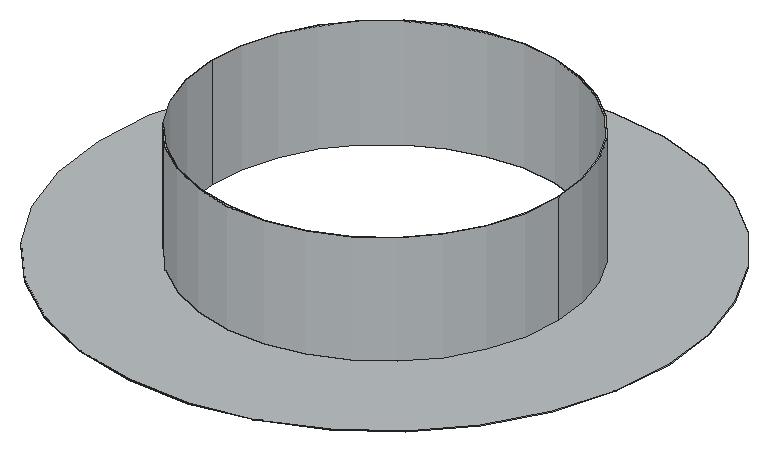
Revit family "NLRS_57_DUA_UN_roof-gland-vpl_LT_velu", category Duct Accessories, Revit 2019
Family settings
  Round Connector Dimension = Use Diameter
  Part Type = Attaches To
  Work Plane-Based = No
  Always vertical = No
  Cut with Voids When Loaded = No
  Shared = Yes
Parameters (values of type "Plakplaat VPL")
  VELU_Prijs_Datum [instance] = size_lookup(LookupTable, "Date", "NB", SACS_Diameter)  # "01-02-2022"
  VELU_Foutmelding [instance] = if(not(NLRS_M_c01_diameter = SACS_Diameter), "Niet leverbare kanaalmaat!", " ")  # " "
  VELU_Diameter1 [instance] = SACS_Diameter  # 450 mm
  VELU_Bruto_Prijs [instance] = size_lookup(LookupTable, "Product_Cost", 0, SACS_Diameter)  # 63.45
  VELU_Article_Code [instance] = size_lookup(LookupTable, "", "NB", SACS_Diameter)  # "5060000684"
  URL = "https://velu.nl/producten/"
  SACS_Height1 [instance] = if(SACS_Diameter < 710 mm, 165 mm, 235 mm)  # 165 mm
  SACS_Diameter [instance] = if(NLRS_M_c01_diameter > 900 mm, 1000 mm, if(NLRS_M_c01_diameter > 800 mm, 900 mm, if(NLRS_M_c01_diameter > 710 mm, 800 mm, if(NLRS_M_c01_diameter > 630 mm, 710 mm, if(NLRS_M_c01_diameter > 560 mm, 630 mm, if(NLRS_M_c01_diameter > 500 mm, 560 mm, if(NLRS_M_c01_diameter > 450 mm, 500 mm, if(NLRS_M_c01_diameter > 400 mm, 450 mm, if(NLRS_M_c01_diameter > 355 mm, 400 mm, if(NLRS_M_c01_diameter > 315 mm, 355 mm, if(NLRS_M_c01_diameter > 300 mm, 315 mm, if(NLRS_M_c01_diameter > 280 mm, 300 mm, if(NLRS_M_c01_diameter > 250 mm, 280 mm, if(NLRS_M_c01_diameter > 224 mm, 250 mm, if(NLRS_M_c01_diameter > 200 mm, 224 mm, if(NLRS_M_c01_diameter > 180 mm, 200 mm, if(NLRS_M_c01_diameter > 160 mm, 180 mm, if(NLRS_M_c01_diameter > 150 mm, 160 mm, if(NLRS_M_c01_diameter > 125 mm, 150 mm, if(NLRS_M_c01_diameter > 100 mm, 125 mm, if(NLRS_M_c01_diameter > 80 mm, 100 mm, 80 mm)))))))))))))))))))))  # 450 mm
  NLRS_M_c01_diameter [instance] = 450 mm
  NLRS_C_niveau ontwikkeling = "LOD400"  # constant formula
  NLRS_C_model [instance] = size_lookup(LookupTable, "Model", "NB", SACS_Diameter)  # "VPL 450"
  NLRS_C_description = Description  # "Velu plakplaat, type VPL"
  NLRS_C_content_versie = "3.19.00"  # constant formula
  NLRS_C_content_provider = "Velu Ventliatietechniek BV"  # constant formula
  NLRS_C_content_datum_uitgifte = "27-05-2022"  # constant formula
  NLRS_C_content_creator = "J. Feeke"  # constant formula
  Model = "VSK"  # constant formula
  Manufacturer = "Velu Ventilatietechniek BV"  # constant formula
  LookupTable = "VPL_Data"  # constant formula
  LoadBearing = 1 = 0  # no
  IsExternal = 1 = 1  # yes
  IfcDescription = Description  # "Velu plakplaat, type VPL"
  FireRating = "00"  # constant formula
  Description = "Velu plakplaat, type VPL"  # constant formula
  Assembly Code = "57.00"
Reference planes
  plane 1 "Center (Front/Back)": y = 0
  plane 2: z = 0
  plane 3 "Center (Left/Right)": x = 0
Forms (mm)
  Extrusion 1, solid, material "VELU_Label", not visible
    sketch origin (-547.644, -297.937, 0) x (1, 0, 0) y (0, 1, 0)
      loop
        arc (544.644, 300.937) -> (541.644, 297.937) -> (544.644, 294.937) r 3
        line (544.644, 294.937) -> (544.644, 297.937) -> (547.644, 294.937) -> (547.644, 297.937) -> (544.644, 300.937)
    from 0 to 2
  Extrusion 2, solid, material "VELU_Label", not visible
    sketch origin (0, 0, 0) x (1, 0, 0) y (0, 1, 0)
      loop
        arc (3, -3) -> (6, 0) -> (3, 3) r 3
        line (3, 3) -> (3, 0) -> (0, 3) -> (0, 0) -> (3, -3)
    from 0 to 2
  Sweep 3, solid, material "NLRS_57_sendzimir verzinkt_gen_sacs"
    path in 3D
      loop
        arc (-225, 0, 0) -> (0, -225, 0) -> (225, 0, 0) r 225
        arc (225, 0, 0) -> (0, 225, 0) -> (-225, 0, 0) r 225
    profile "VPL_Profile : VPL_profile" origin (0, 225, 0) x (0, -1, 0) y (0, 0, 1)
      loop
        line (-10, 1) -> (-160, 1) -> (-160, 0) -> (-9, 0) -> (-9, 150) -> (-10, 150) -> (-10, 1)
Lines and regions (mm)
  model lines, not visible
    curve 1: circle (0, 0, 0) r 225 normal (0, 0, 1)
  sketch lines
    curve 2: circle (0, 0, 0) r 225 normal (0, 0, 1)
Dimensions and locks
  "SACS_Diameter": diameter of curve 1
  aligned and locked: level to plane 2
Automatic sketch dimensions
  plane 1 "Center (Front/Back)" to Extrusion 1 sketch curve = 0 mm  (x3)
  Extrusion 1 sketch curve to plane 3 "Center (Left/Right)" = 0 mm
  Extrusion 1 sketch curve to plane 3 "Center (Left/Right)" = 3 mm
  plane 1 "Center (Front/Back)" to Extrusion 1 sketch curve = 3 mm  (x2)
  plane 1 "Center (Front/Back)" to Extrusion 2 sketch curve = 0 mm  (x3)
  Extrusion 2 sketch curve to plane 3 "Center (Left/Right)" = 0 mm
  Extrusion 2 sketch curve to Extrusion 2 sketch curve = 3 mm
  plane 1 "Center (Front/Back)" to Extrusion 2 sketch curve = 3 mm
  Extrusion 2 sketch curve to Extrusion 2 sketch curve = 0 mm
  plane 1 "Center (Front/Back)" to curve 1 = 0 mm
  curve 1 to plane 3 "Center (Left/Right)" = 0 mm
